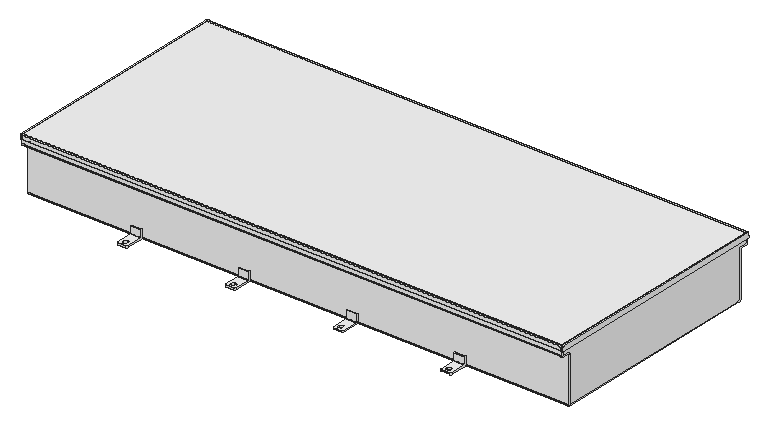
Revit family "P6140", category Plumbing Fixtures, host Face, Revit 2018
Family settings
  Host = Face
  Round Connector Dimension = Use Diameter
  Part Type = Normal
  Cut with Voids When Loaded = No
  Shared = No
  Room Calculation Point = No
Parameters (values of type "P6140-56"")
  URL = "WWW.MIFAB.COM"
  Model = "P6140"
  Material = Paint - Sherwin Williams Paint - #952C2A - Bellwood Red
  Manufacturer = "MIFAB"
  Length = 4' - 8"
  Description = "24” WIDE, 22\"INTERNAL WIDTH,STAINLESS STEEL TRENCH DRAIN"
  Default Elevation = 4' - 0"
Types (7): name | Length
  (no name) | 4' - 8"
  P6140-27" | 2' - 3"
  P6140-32" | 2' - 8"
  P6140-36" | 3' - 0"
  P6140-42" | 3' - 6"
  P6140-48" | 4' - 0"
  P6140-56" | 4' - 8"
Reference planes (in)
  plane 1 "Center (Front/Back)": y = 0
  plane 2: z = 0
  plane 3 "Center (Left/Right)": x = 0
  plane 4: x = -28
  plane 5: x = 28
  plane 6: y = 12
  plane 7: y = -12
  plane 8: y = 11
  plane 9: y = -11
  plane 10: z = -6
  plane 11: z = -8.125
  plane 12: x = 27.92578
  plane 13: x = -27.92578
  plane 14: x = -27.86115
  plane 15: x = 27.86115
  plane 16: y = 3
  plane 17: y = -3
  plane 18: x = -16.71669
  plane 19: x = -5.57223
  plane 20: x = 5.57223
  plane 21: x = 16.71669
Forms (in)
  Extrusion 1, solid, material "Paint - Sherwin Williams Paint - #952C2A - Bellwood Red" <- "Material"
    sketch origin (0, 0, 0) x (0, 1, 0) y (0, 0, 1)
      loop
        line (12, -0.48552) -> (12, -0.06953)
        arc (12, -0.06953) -> (11.93057, -0.00011) -> (11.86115, -0.06953) r 0.06943
        line (11.86115, -0.06953) -> (11.86115, -0.95168)
        arc (11.86115, -0.95168) -> (11.83791, -1.00368) -> (11.78592, -1.02522) r 0.07353
        line (11.78592, -1.02522) -> (11.20248, -1.02522)
        arc (11.20248, -1.02522) -> (11.05931, -1.08452) -> (11, -1.2277) r 0.20248
        line (11, -1.2277) -> (11, -5.8208)
        arc (11, -5.8208) -> (10.96811, -5.8978) -> (10.89112, -5.92969) r 0.10888
        line (10.89112, -5.92969) -> (-10.89112, -5.92969)
        arc (-10.89112, -5.92969) -> (-10.96811, -5.8978) -> (-11, -5.8208) r 0.10888
        line (-11, -5.8208) -> (-11, -1.2277)
        arc (-11, -1.2277) -> (-11.05931, -1.08452) -> (-11.20248, -1.02522) r 0.20248
        line (-11.20248, -1.02522) -> (-11.78693, -1.02522)
        arc (-11.78693, -1.02522) -> (-11.83941, -1.00348) -> (-11.86115, -0.951) r 0.07422
        line (-11.86115, -0.951) -> (-11.86115, -0.06953)
        arc (-11.86115, -0.06953) -> (-11.93057, -0.00011) -> (-12, -0.06953) r 0.06943
        line (-12, -0.06953) -> (-12, -0.48552) -> (-11.92976, -0.48552) -> (-11.92976, -0.95521)
        arc (-11.92976, -0.95521) -> (-11.88866, -1.05443) -> (-11.78945, -1.09553) r 0.14032
        line (-11.78945, -1.09553) -> (-11.20248, -1.09553)
        arc (-11.20248, -1.09553) -> (-11.10902, -1.13424) -> (-11.07031, -1.2277) r 0.13217
        line (-11.07031, -1.2277) -> (-11.07031, -5.8208)
        arc (-11.07031, -5.8208) -> (-11.01783, -5.94751) -> (-10.89112, -6) r 0.1792
        line (-10.89112, -6) -> (10.89112, -6)
        arc (10.89112, -6) -> (11.01783, -5.94751) -> (11.07031, -5.8208) r 0.1792
        line (11.07031, -5.8208) -> (11.07031, -1.2277)
        arc (11.07031, -1.2277) -> (11.10902, -1.13424) -> (11.20248, -1.09553) r 0.13217
        line (11.20248, -1.09553) -> (11.78592, -1.09553)
        arc (11.78592, -1.09553) -> (11.88763, -1.0534) -> (11.92976, -0.95168) r 0.14385
        line (11.92976, -0.95168) -> (11.92976, -0.48552) -> (12, -0.48552)
    from -27.92578 to 27.92578
  Extrusion 2, solid, material "Paint - Sherwin Williams Paint - #952C2A - Bellwood Red" <- "Material"
    sketch origin (0, 0, 0) x (0, 1, 0) y (0, 0, 1)
      loop
        line (11.86115, -0.48552) -> (-11.86115, -0.48552) -> (-11.86115, -0.951)
        arc (-11.86115, -0.951) -> (-11.83941, -1.00348) -> (-11.78693, -1.02522) r 0.07422
        line (-11.78693, -1.02522) -> (-11.20248, -1.02522)
        arc (-11.20248, -1.02522) -> (-11.05931, -1.08452) -> (-11, -1.2277) r 0.20248
        line (-11, -1.2277) -> (-11, -5.8208)
        arc (-11, -5.8208) -> (-10.96811, -5.8978) -> (-10.89112, -5.92969) r 0.10888
        line (-10.89112, -5.92969) -> (10.89112, -5.92969)
        arc (10.89112, -5.92969) -> (10.96811, -5.8978) -> (11, -5.8208) r 0.10888
        line (11, -5.8208) -> (11, -1.2277)
        arc (11, -1.2277) -> (11.05931, -1.08452) -> (11.20248, -1.02522) r 0.20248
        line (11.20248, -1.02522) -> (11.78592, -1.02522)
        arc (11.78592, -1.02522) -> (11.83791, -1.00368) -> (11.86115, -0.95168) r 0.07353
        line (11.86115, -0.95168) -> (11.86115, -0.48552)
    from 27.92578 to 27.86115
  Extrusion 3, solid, material "Paint - Sherwin Williams Paint - #952C2A - Bellwood Red" <- "Material"
    sketch origin (0, 0, 0) x (0, 1, 0) y (0, 0, 1)
      loop
        line (11.86115, -0.48552) -> (-11.86115, -0.48552) -> (-11.86115, -0.951)
        arc (-11.86115, -0.951) -> (-11.83941, -1.00348) -> (-11.78693, -1.02522) r 0.07422
        line (-11.78693, -1.02522) -> (-11.20248, -1.02522)
        arc (-11.20248, -1.02522) -> (-11.05931, -1.08452) -> (-11, -1.2277) r 0.20248
        line (-11, -1.2277) -> (-11, -5.8208)
        arc (-11, -5.8208) -> (-10.96811, -5.8978) -> (-10.89112, -5.92969) r 0.10888
        line (-10.89112, -5.92969) -> (10.89112, -5.92969)
        arc (10.89112, -5.92969) -> (10.96811, -5.8978) -> (11, -5.8208) r 0.10888
        line (11, -5.8208) -> (11, -1.2277)
        arc (11, -1.2277) -> (11.05931, -1.08452) -> (11.20248, -1.02522) r 0.20248
        line (11.20248, -1.02522) -> (11.78592, -1.02522)
        arc (11.78592, -1.02522) -> (11.83791, -1.00368) -> (11.86115, -0.95168) r 0.07353
        line (11.86115, -0.95168) -> (11.86115, -0.48552)
    from -27.86115 to -27.92578
  Extrusion 4, solid, material "Paint - Sherwin Williams Paint - #952C2A - Bellwood Red" <- "Material"
    sketch origin (0, 0, 0) x (1, 0, 0) y (0, 0, 1)
      loop
        line (-28, -0.48552) -> (-27.86115, -0.48552) -> (-27.86115, -0.06953)
        arc (-27.86115, -0.06953) -> (-27.93057, -0.00011) -> (-28, -0.06953) r 0.06943
        line (-28, -0.06953) -> (-28, -0.48552)
    from -12 to 12
  Extrusion 5, solid, material "Paint - Sherwin Williams Paint - #952C2A - Bellwood Red" <- "Material"
    sketch origin (0, 0, 0) x (-1, 0, 0) y (0, 0, -1)
      loop
        line (-28, 0.48552) -> (-28, 0.06953)
        arc (-28, 0.06953) -> (-27.93057, 0.00011) -> (-27.86115, 0.06953) r 0.06943
        line (-27.86115, 0.06953) -> (-27.86115, 0.48552) -> (-28, 0.48552)
    from -12 to 12
  Revolve 6, solid, material "Paint - Sherwin Williams Paint - #952C2A - Bellwood Red" <- "Material"
    sketch origin (0, 0, 0) x (0, 1, 0) y (0, 0, 1)
      loop
        line (-2.92969, -8.125) -> (-2.92969, -6) -> (-3, -6) -> (-3, -8.125) -> (-2.92969, -8.125)
      axis (0, -6) -> (0, -8.125)
    angle from 0 to 360
  Extrusion 7, void
    sketch origin (0, 0, 0) x (1, 0, 0) y (0, 1, 0)
      loop
        circle (0, 0) r 2.92969
    from -8.125 to -5.01917
  Extrusion 8, solid, material "Paint - Sherwin Williams Paint - #952C2A - Bellwood Red" <- "Material"
    sketch origin (0, 0, 0) x (1, 0, 0) y (0, 1, 0)
      loop
        line (-27.86115, 11.86115) -> (-27.86115, -11.86115) -> (27.86115, -11.86115) -> (27.86115, 11.86115) -> (-27.86115, 11.86115)
    from -1.02522 to 0
  Extrusion 9, void
    sketch origin (0, 0, 0) x (1, 0, 0) y (0, 1, 0)
      loop
        line (-28, 12) -> (-28, -12) -> (28, -12) -> (28, 12) -> (-28, 12)
    from -6 to 0
Cuts and joins
  Extrusion 7 cuts Extrusion 1
  joined: Extrusion 1, Revolve 6
Dimensions and locks (in)
  equal spacing: plane 4, plane 3 "Center (Left/Right)", plane 5
  "Length": plane 4 to plane 5
  equal spacing: plane 7, plane 1 "Center (Front/Back)", plane 6
  plane 7 to plane 6 = 2' - 0"
  locked: plane 7 to plane 9 at 1
  locked: plane 6 to plane 8 at 1
  equal spacing: plane 9, plane 1 "Center (Front/Back)", plane 8
  plane 9 to plane 8 = 1' - 10"
  locked: plane 2 to plane 10 at 6
  locked: plane 10 to plane 11 at 2.125
  plane 5 to plane 12 = 0' - 0 19/256"
  locked: plane 15 to plane 12 at 0.06464
  locked: plane 14 to plane 13 at 0.06464
  locked: plane 14 to plane 4 at 0.13885
  locked: plane 15 to plane 5 at 0.13885
  plane 6 to plane 7 = 2' - 0"
  equal spacing: plane 16, plane 1 "Center (Front/Back)", plane 17
  locked: plane 16 to plane 17 at 6
  locked: Revolve 6 sketch curve to plane 17 at 0.07031
  equal spacing: plane 14, plane 18, plane 19, plane 20, plane 21, plane 15
  plane 10 to plane 11 = 0' - 2 1/8"
  plane 8 to plane 9 = 1' - 10"
  aligned and locked: plane 2 to host face
  aligned and locked: level to host face
  aligned and locked: plane 6 to Extrusion 1 sketch curve
  aligned and locked: plane 10 to Extrusion 1 sketch curve
  aligned and locked: Extrusion 1 to Extrusion 2 sketch curve
  aligned and locked: Extrusion 2 sketch curve to Extrusion 1  (x6)
  aligned and locked: Extrusion 2 to plane 12
  aligned and locked: Extrusion 1 to Extrusion 3 sketch curve
  aligned and locked: Extrusion 3 sketch curve to Extrusion 1  (x6)
  aligned and locked: Extrusion 3 sketch curve to Extrusion 2
  aligned and locked: plane 13 to Extrusion 3
  aligned and locked: plane 4 to Extrusion 4 sketch curve
  aligned and locked: plane 6 to Extrusion 4
  aligned and locked: plane 7 to Extrusion 4
  aligned and locked: Extrusion 5 sketch curve to plane 5
  aligned and locked: Extrusion 1 to Extrusion 5 sketch curve
  aligned and locked: plane 6 to Extrusion 5
  aligned and locked: plane 7 to Extrusion 5
  aligned and locked: plane 15 to Extrusion 2
  aligned and locked: plane 14 to Extrusion 3
  aligned and locked: Extrusion 1 to plane 13
  aligned and locked: plane 12 to Extrusion 1
  aligned and locked: plane 11 to Revolve 6 sketch curve
  aligned and locked: Revolve 6 sketch curve to plane 17
  aligned and locked: plane 10 to Revolve 6 sketch curve
  aligned and locked: Extrusion 7 sketch curve to Revolve 6  (x2)
  aligned and locked: Extrusion 7 to plane 11
  aligned and locked: Extrusion 8 sketch curve to plane 14
  aligned and locked: plane 15 to Extrusion 8 sketch curve
  aligned and locked: level to Extrusion 8
  aligned and locked: Extrusion 8 to Extrusion 2
  aligned and locked: nested 1 to plane 18
  aligned and locked: nested 1 to plane 10
  aligned and locked: nested 1 to cut or joined group of Extrusion 1, Revolve 6, Extrusion 7
  aligned and locked: plane 18 to nested 5
  aligned and locked: plane 19 to nested 6
  aligned and locked: plane 20 to nested 7
  aligned and locked: plane 21 to nested 8
  aligned and locked: nested 4 to plane 21
  aligned and locked: nested 3 to plane 20
  aligned and locked: plane 19 to nested 2
  aligned and locked: Extrusion 9 sketch curve to plane 4
  aligned and locked: Extrusion 9 sketch curve to plane 6
  aligned and locked: Extrusion 9 sketch curve to plane 7
  aligned and locked: plane 5 to Extrusion 9 sketch curve
  aligned and locked: Extrusion 9 to plane 10
  aligned and locked: level to Extrusion 9
Automatic sketch dimensions
  host sketch curve to host sketch curve = 8' - 0"  (x2)
  Extrusion 1 sketch curve to Extrusion 1 sketch curve = 0' - 0"  (x11)
  Extrusion 1 sketch curve to plane 7 = 0' - 0"
  Extrusion 1 sketch curve to plane 9 = 0' - 0"
  Extrusion 1 sketch curve to plane 8 = 0' - 0"
  Extrusion 1 sketch curve to Extrusion 1 sketch curve = 0' - 0.06943"
  Extrusion 1 sketch curve to Extrusion 1 sketch curve = 0' - 0.07024"
  Extrusion 1 sketch curve to Extrusion 1 sketch curve = 0' - 0.0717"
  Extrusion 1 sketch curve to Extrusion 1 sketch curve = 0' - 0.00252"
  plane 9 to Extrusion 1 sketch curve = 0' - 0.20248"
  plane 9 to Extrusion 1 sketch curve = 0' - 0 9/128"
  Extrusion 1 sketch curve to plane 9 = 0' - 0.10888"
  Extrusion 1 sketch curve to Extrusion 1 sketch curve = 0' - 0.10888"
  Extrusion 1 sketch curve to Extrusion 1 sketch curve = 0' - 0.13217"
  Extrusion 1 sketch curve to plane 6 = 0' - 0.21408"
  Extrusion 1 sketch curve to Extrusion 1 sketch curve = 0' - 0.13885"
  Extrusion 1 sketch curve to plane 6 = 0' - 0.07024"
  Extrusion 1 sketch curve to level = 0' - 1.2277"  (x2)
  Extrusion 1 sketch curve to Extrusion 1 sketch curve = 0' - 0.4697"
  Extrusion 1 sketch curve to Extrusion 1 sketch curve = 0' - 0.46617"
  Extrusion 1 sketch curve to level = 0' - 0.06953"  (x2)
  Extrusion 2 sketch curve to Extrusion 2 sketch curve = 0' - 0.46548"
  Extrusion 2 sketch curve to Extrusion 2 sketch curve = 0' - 0"
  Extrusion 3 sketch curve to Extrusion 3 sketch curve = 0' - 0"
  Extrusion 4 sketch curve to plane 13 = 0' - 0.00479"
  Extrusion 4 sketch curve to level = 0' - 0.48552"
  Extrusion 4 sketch curve to level = 0' - 0.06953"
  Extrusion 5 sketch curve to plane 12 = 0' - 0.00479"
  level to Extrusion 5 sketch curve = 0' - 0.06953"
  Revolve 6 sketch curve to plane 1 "Center (Front/Back)" = 0' - 0"
  Revolve 6 sketch curve to plane 11 = 0' - 0 1/2"
  plane 11 to Revolve 6 sketch curve = 0' - 1"
  Extrusion 8 sketch curve to plane 7 = 0' - 0.13885"
  Extrusion 8 sketch curve to plane 6 = 0' - 0.13885"
Nested families (in)
  nested 1: "Lock H" at (-16.71669, -11.07031, -6) x (-1, 0, 0) z (0, 0, 1), type "Lock H"
  nested 2: "Lock H" at (-5.57223, -11.07031, -6) x (-1, 0, 0) z (0, 0, 1), type "Lock H"
  nested 3: "Lock H" at (5.57223, -11.07031, -6) x (-1, 0, 0) z (0, 0, 1), type "Lock H"
  nested 4: "Lock H" at (16.71669, -11.07031, -6) x (-1, 0, 0) z (0, 0, 1), type "Lock H"
  nested 5: "Lock H" at (-16.71669, 11.07031, -6) x (-1, 0, 0) z (0, 0, 1), type "Lock H"
  nested 6: "Lock H" at (-5.57223, 11.07031, -6) x (-1, 0, 0) z (0, 0, 1), type "Lock H"
  nested 7: "Lock H" at (5.57223, 11.07031, -6) x (-1, 0, 0) z (0, 0, 1), type "Lock H"
  nested 8: "Lock H" at (16.71669, 11.07031, -6) x (-1, 0, 0) z (0, 0, 1), type "Lock H"
Connectors (in)
  piping at (0, 0, -8.125), diameter 6
    settings: on Revolve 6, index 1, connector inside diameter 609.6 mm, connector length 0' - 0", flow factor 0, pipe flow 0.0 L/s, pressure drop 0.0 Pa, fitting loss kfactor 0, connector angle 0.00°, fixture units 0, engagement length 0' - 0", angle of deflection 0.00°, flow configuration 0, flow direction 0, fitting loss method 0, system type 16, joint type 0, gender type 0, connector reference index -1, connector utility 0, adjustable connector no, is connector primary yes, connector description ""
Definition of nested family "Lock H"
  Parameters (values of type "Lock H")
    Material = none
  Reference planes (in)
    plane 1 "Center (Front/Back)": y = 0
    plane 2: z = 0
    plane 3 "Center (Left/Right)": x = 0
  Forms (in)
    Extrusion 1, solid, material <- "Material"
      sketch origin (-104.90826, 56.87723, 0) x (1, 0, 0) y (0, 1, 0)
        loop
          arc (104.50982, -54.98401) -> (104.41591, -55.02291) -> (104.37701, -55.11682) r 0.13281
          line (104.37701, -55.11682) -> (104.37701, -56.56348) -> (105.43951, -56.56348) -> (105.43951, -55.11801)
          arc (105.43951, -55.11801) -> (105.40026, -55.02325) -> (105.3055, -54.98401) r 0.134
          line (105.3055, -54.98401) -> (104.50982, -54.98401)
        loop
          circle (104.90826, -55.4145) r 0.25
      from 0 to 0.13281
    Extrusion 2, solid, material <- "Material"
      sketch origin (0, 0, 0.13281) x (0, 1, 0) y (0, 0, 1)
        loop
          line (0.1337, -0.13281) -> (0.31375, -0.13281) -> (0.31375, 0) -> (0.16051, 0)
          arc (0.16051, 0) -> (0.13978, 0.00859) -> (0.13119, 0.02932) r 0.02932
          line (0.13119, 0.02932) -> (0.13119, 0.78762) -> (0, 0.78762) -> (0, 0.00089)
          arc (0, 0.00089) -> (0.03916, -0.09365) -> (0.1337, -0.13281) r 0.1337
      from -0.53125 to 0.53125
  Cuts and joins
    joined: Extrusion 1, Extrusion 2
  Dimensions and locks (in)
    aligned and locked: level to plane 2
